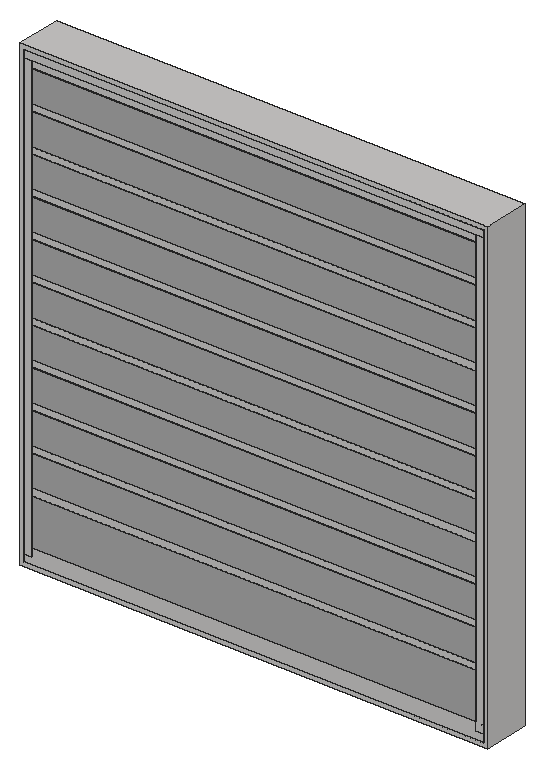
Revit family
Parameters (values of type "Louver_Frmd-Mtl_SFK-645_All-Lite")
  URL = "http://www.alllite-louvers.com"
  Specifications = "http://www.alllite-louvers.com/catalog/ASFK-645-csi-specification.doc"
  Spacing = 0.417 ft
  SmartBIM Object Version = 3  # constant formula
  SmartBIM Object Created By = "Reed Construction Data"  # constant formula
  Shim Thickness = 0.042 ft
  Screen Width = Width - (2 * Shim Thickness) - 2 * 0.083333 ft  # 4.749333 ft
  Screen Height = Height - (2 * Shim Thickness)  # 4.916 ft
  Screen = Aluminum
  Rough Width = 0.0 ft
  Rough Height = 0.0 ft
  Product URL = "http://www.alllite-louvers.com/catalog.php?model=SFK-645"
  Pressure Loss (in.wg.) = "0.09"  # constant formula
  OmniClass Title = "Exterior Louvers and Grilles"  # constant formula
  OmniClass Code = "23-60 11 17"  # constant formula
  Model Number = "SFK-645"  # constant formula
  Minimum Size = "12\" x 12\""
  Maximum Size - Single Section = "60\" x 120\" or 120\" x 60\""
  Maximum Size - Multiple Section = "Unlimited"
  Manufacturer = "All-Lite"  # constant formula
  Louver Width = Width - (2 * Shim Thickness) - 0.166667 ft  # 4.749333 ft
  Louver = Galvannealed Steel
  Height = 5.0 ft
  Free Area for 48”x48” Louver = "50.0%"
  Free Area Velocity (fpm) = "800"  # constant formula
  Free Area (ft²) for 48"x48" Louver = 8.0 ft
  Frame = Galvannealed Steel
  Default Sill Height = 3.0 ft
  Wall Closure = (empty or 0)
  Width = 5.0 ft
  Cut Sheet = "http://www.alllite-louvers.com/catalog/ASFK645.pdf"
  Assembly Code = "B2010300"
  Air Volume Delivered (cfm) = "6400"  # constant formula
  95 CSI = "10200 "  # constant formula
  04 CSI = "08 91 00"  # constant formula
  # of Louvers = (Height - 0.25 ft) / (Spacing)  # 11
Reference planes (ft)
  plane 1 "Center (Front/Back)": y = 0
  plane 2: z = 0.291667
  plane 3 "Center (Left/Right)": x = 0
  plane 4 "Left": x = -2.5
  plane 5 "Right": x = 2.5
  plane 6 "Sill": z = 3.291667
  plane 7 "Top": z = 8.291667
  plane 8: x = -2.458
  plane 9: x = 2.458
  plane 10: z = 8.249667
  plane 11: z = 3.333667
  plane 12: z = 5.791667
  plane 13: z = 8.166333
  plane 14: z = 3.417
Forms (ft)
  Sweep 1, solid, material "Galvannealed Steel" <- "Frame"
    path origin (-5, 0.333333, 0) x (-1, 0, 0) y (0, 0, 1)
      loop
        line (-7.458, 8.249667) -> (-2.542, 8.249667)
    profile "Head Horizontal Mullion : Head Horizontal Mullion" origin (0, 0.333333, 8.249667) x (0, 0, 1) y (0, 1, 0)
      loop
        line (-0.010417, -0.489497) -> (-0.072917, -0.489497) -> (-0.072917, -0.010417) -> (-0.010417, -0.010417) -> (-0.010417, -0.041667) -> (0, -0.041667) -> (0, 0) -> (-0.083333, 0) -> (-0.083333, -0.499914) -> (0, -0.499914) -> (0, -0.458247) -> (-0.010417, -0.458247) -> (-0.010417, -0.489497)
  Sweep 2, solid, material "Galvannealed Steel" <- "Frame"
    path origin (-5, 0.333333, 0) x (-1, 0, 0) y (0, 0, 1)
      loop
        line (-7.458, 3.333667) -> (-2.542, 3.333667)
    profile "Horizontal Mullion : Horizontal Mullion" origin (0, 0.333333, 3.333667) x (0, 0, 1) y (0, 1, 0)
      loop
        line (0.010417, -0.489583) -> (0.010417, -0.451737) -> (0, -0.451737) -> (0, -0.5) -> (0.083333, -0.5) -> (0.166667, -0.5) -> (0.166667, -0.489583) -> (0.083333, -0.489583) -> (0.083333, 0) -> (0, 0) -> (0, -0.041667) -> (0.010417, -0.041667) -> (0.010417, -0.010417) -> (0.072917, -0.010417) -> (0.072917, -0.489583) -> (0.010417, -0.489583)
  Sweep 3, solid, material "Galvannealed Steel" <- "Frame"
    path origin (-5, 0.333333, 0) x (-1, 0, 0) y (0, 0, 1)
      loop
        line (-7.458, 3.417) -> (-7.458, 8.166333)
    profile "Vertical Mullion : Vertical Mullion" origin (2.458, 0.333333, 5.791667) x (1, 0, 0) y (0, 1, 0)
      loop
        line (-0.010417, -0.010417) -> (-0.010417, -0.041667) -> (0, -0.041667) -> (0, 0) -> (-0.083333, 0) -> (-0.083333, -0.5) -> (0, -0.5) -> (0, -0.458333) -> (-0.010417, -0.458333) -> (-0.010417, -0.489583) -> (-0.072917, -0.489583) -> (-0.072917, -0.010417) -> (-0.010417, -0.010417)
  Sweep 4, solid, material "Galvannealed Steel" <- "Frame"
    path origin (5, 0.333333, 0) x (1, 0, 0) y (0, 0, -1)
      loop
        line (-7.458, -3.417) -> (-7.458, -8.166333)
    profile "Vertical Mullion : Vertical Mullion" origin (-2.458, 0.333333, 5.791667) x (1, 0, 0) y (0, 1, 0)
      loop
        line (0.010417, -0.010417) -> (0.072917, -0.010417) -> (0.072917, -0.489583) -> (0.010417, -0.489583) -> (0.010417, -0.458333) -> (0, -0.458333) -> (0, -0.5) -> (0.083333, -0.5) -> (0.083333, 0) -> (0, 0) -> (0, -0.041667) -> (0.010417, -0.041667) -> (0.010417, -0.010417)
  Sweep 5, solid, material "Galvannealed Steel" <- "Frame"
    path origin (-5, 0.333333, 0) x (-1, 0, 0) y (0, 0, 1)
      loop
        line (-2.5, 8.291667) -> (-7.5, 8.291667) -> (-7.5, 3.291667) -> (-2.5, 3.291667) -> (-2.5, 8.291667)
    profile origin (-2.5, 0.333333, 5.791667) x (0, 1, 0) y (-1, 0, 0)
      loop
        line (0, 0) -> (-0.500047, 0) -> (-0.500047, -0.042) -> (0, -0.042) -> (0, 0)
  Extrusion 6, solid, material "Aluminum" <- "Screen"
    sketch origin (1.385417, 0.0075, 7.25) x (-1, 0, 0) y (0, 0, -1)
      loop
        line (3.760083, -0.916333) -> (3.760083, 3.749667) -> (-0.98925, 3.749667) -> (-0.98925, -0.916333) -> (3.760083, -0.916333)
    from 0.174167 to 0.16375
Lines and regions (ft)
  Opening 1
    outline origin (-5, -0.333333, 0) x (1, 0, 0) y (0, 0, 1)
      loop
        line (2.5, 8.291667) -> (2.5, 3.291667) -> (7.5, 3.291667) -> (7.5, 8.291667) -> (2.5, 8.291667)
  Masking region 1, detail levels fine
    outline origin (0, 0, 0) x (1, 0, 0) y (0, 1, 0)
      loop
        line (-2.458, -0.166667) -> (-2.374667, -0.166667) -> (-2.374667, 0.333333) -> (-2.458, 0.333333) -> (-2.458, 0.291667) -> (-2.447583, 0.291667) -> (-2.447583, 0.322917) -> (-2.385083, 0.322917) -> (-2.385083, -0.15625) -> (-2.447583, -0.15625) -> (-2.447583, -0.125) -> (-2.458, -0.125) -> (-2.458, -0.166667)
      loop
        line (2.458, -0.125) -> (2.447583, -0.125) -> (2.447583, -0.15625) -> (2.385083, -0.15625) -> (2.385083, 0.322917) -> (2.447583, 0.322917) -> (2.447583, 0.291667) -> (2.458, 0.291667) -> (2.458, 0.333333) -> (2.374667, 0.333333) -> (2.374667, -0.166667) -> (2.458, -0.166667) -> (2.458, -0.125)
  Masking region 2, detail levels coarse+medium
    outline origin (0, 0, 0) x (1, 0, 0) y (0, 1, 0)
      loop
        line (2.5, -0.166713) -> (2.5, 0.333706) -> (2.374667, 0.333706) -> (2.374667, -0.166713) -> (2.5, -0.166713)
      loop
        line (-2.374667, -0.166667) -> (-2.374667, 0.333333) -> (-2.5, 0.333333) -> (-2.5, -0.166667) -> (-2.374667, -0.166667)
Text (ft)
  text "EXTERIOR" at (-4.890733, 4.242245, 0), in view "Ref. Level"
  text "INTERIOR" at (-4.890733, -3.147199, 0), in view "Ref. Level"
  text "Exterior" at (0, 3.638026, 10.266337), in view "Left"
  text "Exterior" at (0, 1.524487, 10.420622), in view "Right"
Dimensions and locks (ft)
  equal spacing: plane 4 "Left", plane 3 "Center (Left/Right)", plane 5 "Right"
  "Width": plane 4 "Left" to plane 5 "Right"
  "Height": plane 6 "Sill" to plane 7 "Top"
  "Default Sill Height": plane 2 to plane 6 "Sill"
  "Shim Thickness": plane 4 "Left" to plane 8
  "Shim Thickness": plane 9 to plane 5 "Right"
  "Shim Thickness": plane 10 to plane 7 "Top"
  "Shim Thickness": plane 6 "Sill" to plane 11
  equal spacing: plane 11, plane 12, plane 10
  Sweep 5 to Sweep 5 = 0.500047 ft
  locked: plane 10 to plane 13 at 0.083333
  locked: plane 14 to plane 11 at 0.083333
  equal spacing: group 2, group 11, group 10, group 9, group 8, group 7, group 6, group 5, group 4, group 3, group 1  (x2)
  equal spacing: group 1, group 3, group 4, group 5, group 6, group 7, group 8, group 9, group 10, group 11, group 2
  aligned and locked: plane 7 "Top" to Opening 1 sketch curve
  aligned and locked: plane 6 "Sill" to Opening 1 sketch curve  (x2)
  aligned and locked: plane 5 "Right" to Opening 1 sketch curve
  aligned and locked: plane 4 "Left" to Opening 1 sketch curve
  aligned and locked: plane 10 to Sweep 1 sketch curve
  aligned and locked: Sweep 2 sketch curve to plane 11
  aligned and locked: plane 9 to Sweep 3 sketch curve
  aligned and locked: Sweep 4 sketch curve to plane 8
  aligned and locked: Sweep 5 sketch curve to plane 4 "Left"
  aligned and locked: Sweep 5 sketch curve to plane 7 "Top"
  aligned and locked: Sweep 5 sketch curve to plane 6 "Sill"
  aligned and locked: Sweep 5 sketch curve to plane 5 "Right"
  aligned and locked: Sweep 5 sketch curve to host wall  (x2)
  aligned and locked: plane 8 to Sweep 5 sketch curve
  aligned and locked: profile plane to host wall
  aligned and locked: Sweep 3 sketch curve to Sweep 1
  aligned and locked: plane 9 to Sweep 2 sketch curve
  aligned and locked: plane 8 to Sweep 2 sketch curve
  aligned and locked: plane 9 to Sweep 1 sketch curve
  aligned and locked: plane 8 to Sweep 1 sketch curve
  aligned and locked: Sweep 2 to Extrusion 6 sketch curve
  aligned and locked: Sweep 1 to Extrusion 6 sketch curve
  aligned and locked: plane 13 to Sweep 1
  aligned and locked: nested 1 to Sweep 3
  aligned and locked: Sweep 5 to nested 1
  aligned and locked: nested 1 to Sweep 1
  aligned and locked: Sweep 4 to Extrusion 6 sketch curve
  aligned and locked: Extrusion 6 sketch curve to Sweep 3
  aligned and locked: Sweep 2 to Extrusion 6
  aligned and locked: Extrusion 6 to Sweep 3
  aligned and locked: plane 14 to nested 2
  aligned and locked: Sweep 5 to nested 2
  aligned and locked: Sweep 5 to Masking region 1 sketch curve  (x2)
  aligned and locked: Masking region 1 sketch curve to Sweep 4  (x10)
  aligned and locked: Masking region 1 sketch curve to Sweep 3  (x10)
  aligned and locked: Masking region 2 sketch curve to Sweep 5  (x2)
  aligned and locked: nested 2 to Masking region 2 sketch curve  (x2)
  aligned and locked: Masking region 2 sketch curve to Sweep 4
  aligned and locked: Masking region 2 sketch curve to Extrusion 6
  aligned and locked: Masking region 2 sketch curve to host wall
  aligned and locked: host wall to Masking region 2 sketch curve
Automatic sketch dimensions
  Sweep 4 sketch curve to plane 10 = 0.083333 ft
  plane 11 to Sweep 3 sketch curve = 0.083333 ft
  plane 11 to Sweep 4 sketch curve = 0.083333 ft
  Sweep 5 sketch curve to profile plane = 0.500047 ft
  Masking region 1 sketch curve to plane 8 = 0.0 ft  (x2)
  Masking region 1 sketch curve to plane 9 = 0.0 ft  (x2)
Nested families (ft)
  nested 1: "Louver Single" at (0, 0.251204, 7.511974), type "Louver"
    with Louver Length 4.749333 ft
  nested 2: "Louver Single" at (0, 0.251577, 3.417), type "Louver"
    with Louver Length 4.749333 ft
  nested 3: "Louver Single" at (0, 0.251242, 7.102476), type "Louver"
    with Louver Length 4.749333 ft
  nested 4: "Louver Single" at (0, 0.251279, 6.692979), type "Louver"
    with Louver Length 4.749333 ft
  nested 5: "Louver Single" at (0, 0.251316, 6.283482), type "Louver"
    with Louver Length 4.749333 ft
  nested 6: "Louver Single" at (0, 0.251353, 5.873984), type "Louver"
    with Louver Length 4.749333 ft
  nested 7: "Louver Single" at (0, 0.251391, 5.464487), type "Louver"
    with Louver Length 4.749333 ft
  nested 8: "Louver Single" at (0, 0.251428, 5.05499), type "Louver"
    with Louver Length 4.749333 ft
  nested 9: "Louver Single" at (0, 0.251465, 4.645492), type "Louver"
    with Louver Length 4.749333 ft
  nested 10: "Louver Single" at (0, 0.251502, 4.235995), type "Louver"
    with Louver Length 4.749333 ft
  nested 11: "Louver Single" at (0, 0.25154, 3.826497), type "Louver"
    with Louver Length 4.749333 ft
Connectors (ft)
  hvac at (0, -0.15625, 5.833333), driven by "Screen Height", driven by "Screen Width"
    settings: on Extrusion 6, index 1
Definition of nested family "Louver Single"
  Parameters (values of type "Louver")
    Louver Length = 3.75 ft
    Depth = 0.333333 ft
    Louver Single = yes
    Louver = none
    Assembly Code = ""
  Reference planes (ft)
    plane 1 "Center (Front/Back)": y = -0.085938
    plane 2: z = 0
    plane 3 "Center (Left/Right)": x = 0
    plane 4: x = -1.875
    plane 5: x = 1.875
    plane 6: y = 0.081756
    plane 7: y = -0.418244
    plane 8: z = 0.654359
  Forms (ft)
    Extrusion 1, solid, material <- "Louver"
      sketch origin (0, 1.207029, 1.79504) x (0, 1, 0) y (0, 0, 1)
        loop
          line (-1.160256, -1.79504) -> (-1.1249, -1.79504) -> (-1.1249, -1.732423) -> (-1.386321, -1.471002)
          arc (-1.386321, -1.471002) -> (-1.386321, -1.463342) -> (-1.378661, -1.463342) r 0.005417
          arc (-1.378661, -1.463342) -> (-1.37159, -1.463342) -> (-1.37159, -1.456271) r 0.005
          line (-1.37159, -1.456271) -> (-1.620559, -1.207301) -> (-1.620559, -1.145681) -> (-1.594554, -1.145681) -> (-1.594554, -1.140681) -> (-1.625559, -1.140681) -> (-1.625559, -1.209372) -> (-1.375125, -1.459806)
          arc (-1.375125, -1.459806) -> (-1.389857, -1.459806) -> (-1.389857, -1.474537) r 0.010417
          line (-1.389857, -1.474537) -> (-1.1299, -1.734494) -> (-1.1299, -1.79004) -> (-1.160256, -1.79004) -> (-1.160256, -1.79504)
      from -1.875 to 1.875
  Dimensions and locks (ft)
    equal spacing: plane 4, plane 3 "Center (Left/Right)", plane 5
    "Louver Length": plane 4 to plane 5
    plane 6 to plane 7 = 0.5 ft
    aligned and locked: Extrusion 1 to plane 4
    aligned and locked: plane 5 to Extrusion 1
  Automatic sketch dimensions
    Extrusion 1 sketch curve to Extrusion 1 sketch curve = 0.0 ft  (x6)
    Extrusion 1 sketch curve to Extrusion 1 sketch curve = 0.005 ft  (x4)
    Extrusion 1 sketch curve to Extrusion 1 sketch curve = 0.030356 ft
    level to Extrusion 1 sketch curve = 0.338769 ft
    Extrusion 1 sketch curve to Extrusion 1 sketch curve = 0.24169 ft
    Extrusion 1 sketch curve to Extrusion 1 sketch curve = 0.003536 ft  (x4)
    level to Extrusion 1 sketch curve = 0.335234 ft
    Extrusion 1 sketch curve to Extrusion 1 sketch curve = 0.00383 ft  (x2)
    Extrusion 1 sketch curve to Extrusion 1 sketch curve = 0.222964 ft
    Extrusion 1 sketch curve to Extrusion 1 sketch curve = 0.026005 ft
    level to Extrusion 1 sketch curve = 0.062617 ft
    Extrusion 1 sketch curve to Extrusion 1 sketch curve = 0.002071 ft  (x2)
    Extrusion 1 sketch curve to Extrusion 1 sketch curve = 0.055546 ft
    plane 1 "Center (Front/Back)" to Extrusion 1 sketch curve = 0.332592 ft
    Extrusion 1 sketch curve to Extrusion 1 sketch curve = 0.061621 ft
    Extrusion 1 sketch curve to Extrusion 1 sketch curve = 0.250434 ft
